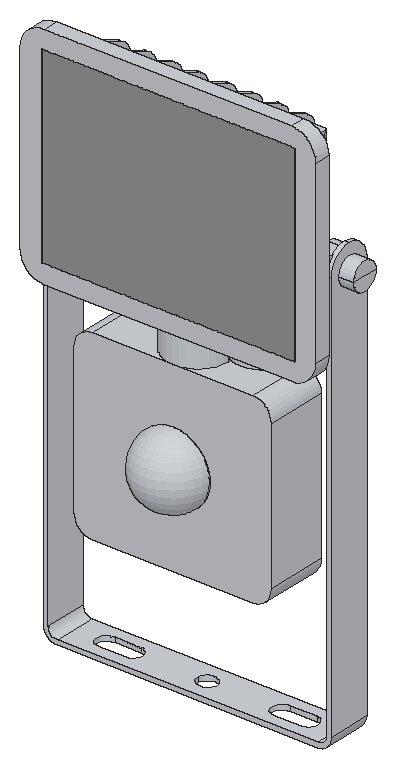
Revit family "0050130", category Lighting Fixtures, Revit 2017
Family settings
  Round Connector Dimension = Use Diameter
  Part Type = Normal
  OmniClass Number = 23.80.70.00
  OmniClass Title = Lighting
  Work Plane-Based = No
  Always vertical = Yes
  Cut with Voids When Loaded = No
  Light Source = Yes
  Shared = No
  Room Calculation Point = No
Parameters (values of type "0050130 ST FLD FLT IP54 PIR 1000LM 840 BK")
  Weight = "2.85 kg"
  Wattage = 10 W
  WarrantyStartDate [instance] = "n/a"
  WarrantyGuarantorParts = "n/a"
  WarrantyDurationUnit = "n/a"
  WarrantyDurationParts = "n/a"
  WarrantyDescription = "n/a"
  built-in parameter 1150110 = 1 (stored number, unit not read)
  Voltage = 0 V
  URL = "http://www.sylvania-lighting.com"
  TypeName = "Start Flood Flat IP54 PIR 1000LM 840 Black"
  built-in parameter 1114217 = 1 (stored number, unit not read)
  Tilt Angle = 0.00°
  built-in parameter 1150109 = 1 (stored number, unit not read)
  built-in parameter 1150134 = 12
  built-in parameter 1150113 = 1 (stored number, unit not read)
  SerialNumber [instance] = "n/a"
  PowerFactor = 0.9
  PowerConsumption = "10.0 W"
  Photometric Web File = "0050130.ies"
  NominalWidth = 0 mm
  NominalLength = 190 mm
  NominalHeight = 52 mm
  Name = "Start Flood Flat IP54 PIR 1000LM 840 Black"
  ModelReference = "Start Flood Flat IP54 PIR 1000LM 840 Black"
  ModelNumber = "0050130"
  Model = "Start Flood Flat IP54 PIR 1000LM 840 Black"
  Material_4_FEILO = none
  Material_3_FEILO = none
  Material_2_FEILO = Default New Material
  Material_1_FEILO = none
  Material = "n/a"
  ManufacturerName = "Feilo Sylvania"
  Manufacturer = "Feilo Sylvania"
  LuminousEfficacy = "100 lm/W"
  Lumens = 1000 lm
  LuminaireType = ""
  built-in parameter 1150115 = 1 (stored number, unit not read)
  built-in parameter 1150105 = -388800 (stored number, unit not read)
  LightOutputRatio = "n/a"
  built-in parameter 1150137 = (empty or 0)
  built-in parameter 1150139 = (empty or 0)
  LampsType = "LED"
  LampNominalLuminous = "1000 lm"
  LampMacAdamStep = "5"
  LampColourTemperature = "4000 K"
  LampColourRenderingIndex = "80"
  built-in parameter 1150112 = 1 (stored number, unit not read)
  built-in parameter 1150114 = 1 (stored number, unit not read)
  Lamp = "LED"
  LUM_WIDTH_SYL = if([0_18W_SYL], 57 mm, 48 mm)  # 48 mm
  LUM_HEIGHT_SYL = if([0_18W_SYL], 43 mm, 37 mm)  # 37 mm
  LUM_EXTR_ST_SYL = -5 mm
  LUM_EXTR_END_SYL = 0 mm
  LUM_DEPTH_SYL = 22 mm
  Keynote = "16500"
  InstallationDate [instance] = "n/a"
  InputVoltage = "n/a"
  InputNominalFrequency = "n/a"
  built-in parameter 1150132 = 2
  built-in parameter 1150102 = (empty or 0)
  built-in parameter 1150138 = (empty or 0)
  built-in parameter 1150107 = 4000 (stored number, unit not read)
  IngressProtection = "IP65"
  ImpactProtectionIndex = "IK06"
  built-in parameter 1150106 = -3888 (stored number, unit not read)
  IfcExportType = "IfcLightFixtureType"
  IfcExportAs = "IfcLightFixtureType"
  ElectricShockClassification = "Class I"
  built-in parameter 1150104 = 9.2903 (stored number, unit not read)
  DocumentationLiterature = "http://www.sylvania-lighting.com/product/en-int/products/0050130"
  DimmingControlOptions = "n/a"
  Dimming Lamp Color Temperature Shift = <None>
  DIF_WIDTH_SYL = if([0_18W_SYL], 49 mm, 41 mm)  # 41 mm
  DIF_HEIGHT_SYL = if([0_18W_SYL], 36 mm, 31 mm)  # 31 mm
  CreatedOn = "12/2/2020"
  CreatedBy = "@sylvania-lighting.com"
  Color Filter = 16777215
  ClassificationValue = "EF_70_80"
  ClassificationName = "Uniclass2015"
  CABLE_SIDE_DIST_SYL = 28.5 mm
  CABLE_LENGTH_SYL = 5 mm
  CABLE_FRONT_DIST_SYL = 14 mm
  CABLES_DIST_SYL = 39 mm
  BarCode [instance] = "n/a"
  built-in parameter 1114218 = 1 (stored number, unit not read)
  B_RAIL_R_DIST_SYL = 7 mm
  B_RAIL_HEIGHT_SYL = 21 mm
  B_RAIL_DEPTH_SYL = 44 mm
  B_RAIL_CHAMFER_SYL = 7 mm
  BRACKET_HOLDER_WIDTH_SYL = 12 mm
  BRACKET_HOLDER_HEIGHT_SYL = 15 mm
  BRACKET_HOLDER_DIST_SIDE_SYL = 2.8 mm
  BRACKET_HOLDER_DIST_BOTT_SYL = 22 mm
  BRACKET_HOLDER_DEPTH_SYL = 5.7 mm
  BOX_WIDTH_SYL = 36.5 mm
  BOX_TOP_DIST_SYL = 10.5 mm
  BOX_DEPTH_SYL = 13 mm
  BOX_BOTT_DIST_SYL = 28 mm
  BACK_RAIL_WIDTH_SYL = 1.4 mm
  BACK_RAIL_SIDE_DIST_SYL = 17.4 mm
  BACK_PL_EXTR_ST_SYL = -6 mm
  BACK_PL_EXTR_ST(-1)_SYL = BACK_PL_EXTR_ST_SYL * (-1)  # 6 mm
  BACK_PL_EXTR_END_SYL = -3 mm
  BACK_PL_EXTR_END(-1)_SYL = BACK_PL_EXTR_END_SYL * (-1)  # 3 mm
  built-in parameter 1150133 = 10 (stored number, unit not read)
  AssetType = "Fixed"
  AssetIdentifier [instance] = "n/a"
  Assembly Code = "D5020200"
  Apparent Load = 10 VA
  0_18W_SYL = no
Types (4, lengths in mm): name | TypeName | built-in parameter 1150134 | Photometric Web File | Name | ModelReference | ModelNumber | Model | LuminousEfficacy | Lumens | built-in parameter 1150105 | LampNominalLuminous | LampColourTemperature | built-in parameter 1150107 | built-in parameter 1150106 | built-in parameter 1150104 | DocumentationLiterature
  0050132 ST FLD FLT IP54 PIR 1000LM 840 WH | "Start Flood Flat IP54 PIR 1000LM 840 White" | 12 | "0050132.ies" | "Start Flood Flat IP54 PIR 1000LM 840 White" | "Start Flood Flat IP54 PIR 1000LM 840 White" | "0050132" | "Start Flood Flat IP54 PIR 1000LM 840 White" | "100 lm/W" | 1000 lm | -388800 (stored number, unit not read) | "1000 lm" | "4000 K" | 4000 (stored number, unit not read) | -3888 (stored number, unit not read) | 9.2903 (stored number, unit not read) | "http://www.sylvania-lighting.com/product/en-int/products/0050132"
  0050131 ST FLD FLT IP54 PIR 950LM 830 WH | "Start Flood Flat IP54 PIR 950LM 830 White" | (empty or 0) | "0050131.ies" | "Start Flood Flat IP54 PIR 950LM 830 White" | "Start Flood Flat IP54 PIR 950LM 830 White" | "0050131" | "Start Flood Flat IP54 PIR 950LM 830 White" | "95 lm/W" | 950 lm | -350892 (stored number, unit not read) | "950 lm" | "3000 K" | 3000 (stored number, unit not read) | -3508.9 (stored number, unit not read) | 8.8258 (stored number, unit not read) | "http://www.sylvania-lighting.com/product/en-int/products/0050131"
  0050130 ST FLD FLT IP54 PIR 1000LM 840 BK | "Start Flood Flat IP54 PIR 1000LM 840 Black" | 12 | "0050130.ies" | "Start Flood Flat IP54 PIR 1000LM 840 Black" | "Start Flood Flat IP54 PIR 1000LM 840 Black" | "0050130" | "Start Flood Flat IP54 PIR 1000LM 840 Black" | "100 lm/W" | 1000 lm | -388800 (stored number, unit not read) | "1000 lm" | "4000 K" | 4000 (stored number, unit not read) | -3888 (stored number, unit not read) | 9.2903 (stored number, unit not read) | "http://www.sylvania-lighting.com/product/en-int/products/0050130"
  0050129 ST FLD FLT IP54 PIR 950LM 830 BK | "Start Flood Flat IP54 PIR 950LM 830 Black" | (empty or 0) | "0050129.ies" | "Start Flood Flat IP54 PIR 950LM 830 Black" | "Start Flood Flat IP54 PIR 950LM 830 Black" | "0050129" | "Start Flood Flat IP54 PIR 950LM 830 Black" | "95 lm/W" | 950 lm | -350892 (stored number, unit not read) | "950 lm" | "3000 K" | 3000 (stored number, unit not read) | -3508.9 (stored number, unit not read) | 8.8258 (stored number, unit not read) | "http://www.sylvania-lighting.com/product/en-int/products/0050129"
Reference planes
  plane 1 "Light Source Axis (F/B)": y = 0
  plane 2: z = 0
  plane 3 "Light Source Axis (L/R)": x = 0
  plane 4 "Light Source Elevation": z = -0.469
  plane 5: x = 48
  plane 6: x = -48
  plane 7: z = 37
  plane 8: z = -37
  plane 9: x = 41
  plane 10: x = -41
  plane 11: z = 31
  plane 12: z = -31
  plane 13: y = 6
  plane 14: y = 3
  plane 15: x = -36.5
  plane 16: x = 36.5
  plane 17: y = 19
  plane 18: z = 26.5
  plane 19: z = -9
  plane 20: y = 22
  plane 21: z = -15
  plane 22: z = -3
  plane 23: y = 21
  plane 24: x = 45.2
  plane 25: x = 39.5
  plane 26: x = 19.5
  plane 27: x = -19.5
  plane 28: y = 14
  plane 29: z = -42
  plane 30: y = 21
  plane 31: z = 35
  plane 32: z = 28
  plane 33: x = 30.6
  plane 34: x = 29.2
  plane 35: x = 22.2
  plane 36: x = 20.8
  plane 37: x = 13.8
  plane 38: x = 12.4
  plane 39: x = 5.4
  plane 40: x = 4
Forms (mm)
  Extrusion 1, solid
    sketch origin (0, 0, 0) x (1, 0, 0) y (0, 0, 1)
      loop
        arc (-40, 37) -> (-45.657, 34.657) -> (-48, 29) r 8
        line (-48, 29) -> (-48, -29)
        arc (-48, -29) -> (-45.657, -34.657) -> (-40, -37) r 8
        line (-40, -37) -> (40, -37)
        arc (40, -37) -> (45.657, -34.657) -> (48, -29) r 8
        line (48, -29) -> (48, 29)
        arc (48, 29) -> (45.657, 34.657) -> (40, 37) r 8
        line (40, 37) -> (-40, 37)
      loop
        line (-41, 31) -> (-41, -31) -> (41, -31) -> (41, 31) -> (-41, 31)
    from -5 <- "LUM_EXTR_ST_SYL" to 0 <- "LUM_EXTR_END_SYL"
  Extrusion 2, solid, material "Default New Material" <- "Material_2_FEILO"
    sketch origin (0, 0, 0) x (1, 0, 0) y (0, 0, 1)
      loop
        line (-41, 31) -> (-41, -31) -> (41, -31) -> (41, 31) -> (-41, 31)
    from -3 <- "BACK_PL_EXTR_END_SYL" to 0 <- "LUM_EXTR_END_SYL"
  Extrusion 3, solid
    sketch origin (0, 0, 0) x (1, 0, 0) y (0, 0, 1)
      loop
        line (41, 31) -> (-41, 31) -> (-41, -31) -> (41, -31) -> (41, 31)
    from -6 <- "BACK_PL_EXTR_ST_SYL" to -3 <- "BACK_PL_EXTR_END_SYL"
  Extrusion 4, solid
    sketch origin (0, 0, 0) x (1, 0, 0) y (0, 1, 0)
      loop
        arc (-35.5, 19) -> (-36.207, 18.707) -> (-36.5, 18) r 1
        line (-36.5, 18) -> (-36.5, 6) -> (36.5, 6) -> (36.5, 18)
        arc (36.5, 18) -> (36.207, 18.707) -> (35.5, 19) r 1
        line (35.5, 19) -> (-35.5, 19)
    from -9 to 26.5
  Extrusion 5, solid
    sketch origin (0, 0, 0) x (1, 0, 0) y (0, 1, 0)
      loop
        arc (-28.5, 22) -> (-34.157, 19.657) -> (-36.5, 14) r 8
        line (-36.5, 14) -> (-36.5, 6) -> (36.5, 6) -> (36.5, 14)
        arc (36.5, 14) -> (34.157, 19.657) -> (28.5, 22) r 8
        line (28.5, 22) -> (-28.5, 22)
    from -31 to -9
  Extrusion 6, solid
    sketch origin (0, 0, 0) x (0, 1, 0) y (0, 0, 1)
      loop
        line (6, -3) -> (6, -15) -> (15, -15)
        arc (15, -15) -> (19.243, -13.243) -> (21, -9) r 6
        arc (21, -9) -> (19.243, -4.757) -> (15, -3) r 6
        line (15, -3) -> (6, -3)
      loop
        circle (15, -9) r 2.5
    from 39.5 to 45.2
  Extrusion 7, solid
    sketch origin (0, 0, 0) x (0, 1, 0) y (0, 0, -1)
      loop
        line (6, 3) -> (15, 3)
        arc (15, 3) -> (19.243, 4.757) -> (21, 9) r 6
        arc (21, 9) -> (19.243, 13.243) -> (15, 15) r 6
        line (15, 15) -> (6, 15) -> (6, 3)
      loop
        circle (15, 9) r 2.5
    from 39.5 to 45.2
  Extrusion 8, solid
    sketch origin (0, 0, 0) x (1, 0, 0) y (0, 1, 0)
      loop
        circle (-19.5, 14) r 7
      loop
        circle (19.5, 14) r 9
    from -42 to -31
  Extrusion 9, solid
    sketch origin (0, 0, 0) x (0, 1, 0) y (0, 0, 1)
      loop
        line (5, -9) -> (21, -9) -> (21, 24.73)
        arc (21, 24.73) -> (20.185, 27.467) -> (18.004, 29.311) r 5
        line (18.004, 29.311) -> (5, 35) -> (5, 28) -> (5, -9)
    from 29.2 to 30.6
  Extrusion 10, solid
    sketch origin (-1.583, 0.014, 0) x (0, 1, 0) y (0, 0, 1)
      loop
        line (5, -9) -> (21, -9) -> (21, 24.73)
        arc (21, 24.73) -> (20.185, 27.467) -> (18.004, 29.311) r 5
        line (18.004, 29.311) -> (5, 35) -> (5, 28) -> (5, -9)
    from 22.383 to 23.783
  Extrusion 11, solid
    sketch origin (-1.583, 0.014, 0) x (0, 1, 0) y (0, 0, 1)
      loop
        line (5, -9) -> (21, -9) -> (21, 24.73)
        arc (21, 24.73) -> (20.185, 27.467) -> (18.004, 29.311) r 5
        line (18.004, 29.311) -> (5, 35) -> (5, 28) -> (5, -9)
    from 5.583 to 6.983
  Extrusion 12, solid
    sketch origin (-1.583, 0.014, 0) x (0, 1, 0) y (0, 0, 1)
      loop
        line (5, -9) -> (21, -9) -> (21, 24.73)
        arc (21, 24.73) -> (20.185, 27.467) -> (18.004, 29.311) r 5
        line (18.004, 29.311) -> (5, 35) -> (5, 28) -> (5, -9)
    from 13.983 to 15.383
  Extrusion 13, solid
    sketch origin (0, 0, 0) x (0, 1, 0) y (0, 0, -1)
      loop
        line (5, 9) -> (5, -28) -> (5, -35) -> (18.004, -29.311)
        arc (18.004, -29.311) -> (20.185, -27.467) -> (21, -24.73) r 5
        line (21, -24.73) -> (21, 9) -> (5, 9)
    from 29.2 to 30.6
  Extrusion 14, solid
    sketch origin (1.583, 0.014, 0) x (0, 1, 0) y (0, 0, -1)
      loop
        line (5, 9) -> (5, -28) -> (5, -35) -> (18.004, -29.311)
        arc (18.004, -29.311) -> (20.185, -27.467) -> (21, -24.73) r 5
        line (21, -24.73) -> (21, 9) -> (5, 9)
    from 22.383 to 23.783
  Extrusion 15, solid
    sketch origin (1.583, 0.014, 0) x (0, 1, 0) y (0, 0, -1)
      loop
        line (5, 9) -> (5, -28) -> (5, -35) -> (18.004, -29.311)
        arc (18.004, -29.311) -> (20.185, -27.467) -> (21, -24.73) r 5
        line (21, -24.73) -> (21, 9) -> (5, 9)
    from 13.983 to 15.383
  Extrusion 16, solid
    sketch origin (1.583, 0.014, 0) x (0, 1, 0) y (0, 0, -1)
      loop
        line (5, 9) -> (5, -28) -> (5, -35) -> (18.004, -29.311)
        arc (18.004, -29.311) -> (20.185, -27.467) -> (21, -24.73) r 5
        line (21, -24.73) -> (21, 9) -> (5, 9)
    from 5.583 to 6.983
Cuts and joins
  joined: Extrusion 1, Extrusion 3, Extrusion 4, Extrusion 5
Dimensions and locks
  "LUM_WIDTH_SYL": plane 5 to plane 3 "Light Source Axis (L/R)" to plane 6
  "LUM_HEIGHT_SYL": plane 7 to plane 2 to plane 8
  "DIF_WIDTH_SYL": plane 9 to plane 3 "Light Source Axis (L/R)" to plane 10
  "DIF_HEIGHT_SYL": plane 11 to plane 2 to plane 12
  "BACK_PL_EXTR_ST(-1)_SYL": plane 1 "Light Source Axis (F/B)" to plane 13
  "BACK_PL_EXTR_END(-1)_SYL": plane 1 "Light Source Axis (F/B)" to plane 14
  "BOX_WIDTH_SYL": plane 15 to plane 3 "Light Source Axis (L/R)" to plane 16
  "BOX_DEPTH_SYL": plane 13 to plane 17
  "BOX_TOP_DIST_SYL": plane 18 to plane 7
  "BOX_BOTT_DIST_SYL": plane 8 to plane 19
  "LUM_DEPTH_SYL": plane 1 "Light Source Axis (F/B)" to plane 20
  "BRACKET_HOLDER_DIST_BOTT_SYL": plane 21 to plane 8
  "BRACKET_HOLDER_WIDTH_SYL": plane 22 to plane 21
  "BRACKET_HOLDER_HEIGHT_SYL": cut or joined group of Extrusion 1, Extrusion 3, Extrusion 4, Extrusion 5 to plane 23
  "BRACKET_HOLDER_DIST_SIDE_SYL": cut or joined group of Extrusion 1, Extrusion 3, Extrusion 4, Extrusion 5 to plane 24
  "BRACKET_HOLDER_DEPTH_SYL": plane 25 to plane 24
  "CABLES_DIST_SYL": plane 27 to plane 26
  "CABLE_SIDE_DIST_SYL": plane 26 to plane 5
  "CABLE_FRONT_DIST_SYL": cut or joined group of Extrusion 1, Extrusion 3, Extrusion 4, Extrusion 5 to plane 28
  "CABLE_LENGTH_SYL": plane 29 to cut or joined group of Extrusion 1, Extrusion 3, Extrusion 4, Extrusion 5
  "B_RAIL_HEIGHT_SYL": plane 30 to plane 1 "Light Source Axis (F/B)"
  "B_RAIL_DEPTH_SYL": plane 31 to plane 19
  "B_RAIL_CHAMFER_SYL": plane 31 to plane 32
  "BACK_RAIL_SIDE_DIST_SYL": plane 5 to plane 33
  "BACK_RAIL_WIDTH_SYL": plane 33 to plane 34
  "B_RAIL_R_DIST_SYL": plane 34 to plane 35
  "B_RAIL_R_DIST_SYL": plane 36 to plane 37
  "BACK_RAIL_WIDTH_SYL": plane 37 to plane 38
  "BACK_RAIL_WIDTH_SYL": plane 39 to plane 40
  "B_RAIL_R_DIST_SYL": plane 38 to plane 39
  aligned and locked: plane 3 "Light Source Axis (L/R)" to imposter light
  aligned and locked: plane 4 "Light Source Elevation" to imposter light
  aligned and locked: level to plane 2
  aligned and locked: Extrusion 1 sketch curve to plane 7
  aligned and locked: plane 6 to Extrusion 1 sketch curve
  aligned and locked: plane 8 to Extrusion 1 sketch curve
  aligned and locked: Extrusion 1 sketch curve to plane 5
  aligned and locked: Extrusion 1 sketch curve to plane 11
  aligned and locked: plane 10 to Extrusion 1 sketch curve
  aligned and locked: plane 12 to Extrusion 1 sketch curve
  aligned and locked: Extrusion 1 sketch curve to plane 9
  aligned and locked: Extrusion 2 sketch curve to Extrusion 1  (x4)
  aligned and locked: Extrusion 3 sketch curve to Extrusion 1  (x4)
  aligned and locked: Extrusion 3 to Extrusion 2
  aligned and locked: plane 17 to Extrusion 4 sketch curve
  aligned and locked: plane 15 to Extrusion 4 sketch curve
  aligned and locked: Extrusion 4 sketch curve to plane 13
  aligned and locked: Extrusion 4 sketch curve to plane 16
  aligned and locked: plane 18 to Extrusion 4
  aligned and locked: Extrusion 4 to plane 19
  aligned and locked: plane 20 to Extrusion 5 sketch curve
  aligned and locked: plane 15 to Extrusion 5 sketch curve
  aligned and locked: cut or joined group of Extrusion 1, Extrusion 3, Extrusion 4, Extrusion 5 to Extrusion 5 sketch curve
  aligned and locked: Extrusion 5 sketch curve to cut or joined group of Extrusion 1, Extrusion 3, Extrusion 4, Extrusion 5
  aligned and locked: plane 19 to Extrusion 5
  aligned and locked: Extrusion 5 to plane 12
  aligned and locked: Extrusion 6 sketch curve to plane 22
  aligned and locked: Extrusion 6 sketch curve to plane 13
  aligned and locked: plane 21 to Extrusion 6 sketch curve
  aligned and locked: plane 25 to Extrusion 6
  aligned and locked: Extrusion 6 to plane 24
  aligned and locked: Extrusion 8 to Extrusion 2
  aligned and locked: Extrusion 8 to plane 29
  aligned and locked: cut or joined group of Extrusion 1, Extrusion 3, Extrusion 4, Extrusion 5 to Extrusion 9 sketch curve
  aligned and locked: Extrusion 9 sketch curve to Extrusion 6  (x2)
  aligned and locked: plane 33 to Extrusion 9
  aligned and locked: Extrusion 9 to plane 34
  aligned and locked: plane 35 to Extrusion 10
  aligned and locked: Extrusion 10 to plane 36
  aligned and locked: Extrusion 11 to plane 40
  aligned and locked: plane 39 to Extrusion 11
  aligned and locked: Extrusion 12 to plane 38
  aligned and locked: plane 37 to Extrusion 12
Automatic sketch dimensions
  plane 10 to Extrusion 1 sketch curve = 1 mm  (x2)
  Extrusion 1 sketch curve to plane 25 = 0.5 mm  (x2)
  plane 15 to Extrusion 4 sketch curve = 1 mm
  Extrusion 4 sketch curve to plane 16 = 1 mm
  Extrusion 5 sketch curve to plane 15 = 0 mm
  Extrusion 5 sketch curve to plane 28 = 0 mm  (x2)
  Extrusion 6 sketch curve to Extrusion 6 sketch curve = 0 mm  (x5)
  Extrusion 6 sketch curve to plane 23 = 0 mm
  Extrusion 7 sketch curve to Extrusion 7 sketch curve = 0 mm  (x6)
  Extrusion 7 sketch curve to plane 13 = 0 mm
  Extrusion 7 sketch curve to plane 21 = 0 mm
  Extrusion 7 sketch curve to plane 22 = 0 mm
  Extrusion 7 sketch curve to plane 23 = 0 mm
  Extrusion 8 sketch curve to plane 27 = 0 mm
  Extrusion 8 sketch curve to plane 26 = 0 mm
  Extrusion 8 sketch curve to plane 28 = 0 mm  (x2)
  Extrusion 9 sketch curve to plane 32 = 0 mm
  Extrusion 9 sketch curve to plane 31 = 0 mm
  plane 28 to Extrusion 9 sketch curve = 2 mm
  plane 17 to Extrusion 9 sketch curve = 0.996 mm
  plane 19 to Extrusion 10 sketch curve = 0 mm
  plane 13 to Extrusion 10 sketch curve = 0.986 mm
  plane 28 to Extrusion 10 sketch curve = 2.014 mm
  plane 17 to Extrusion 10 sketch curve = 0.982 mm
  Extrusion 10 sketch curve to plane 23 = 0.014 mm
  Extrusion 10 sketch curve to plane 18 = 1.77 mm
  plane 32 to Extrusion 10 sketch curve = 0 mm
  plane 19 to Extrusion 11 sketch curve = 0 mm
  plane 13 to Extrusion 11 sketch curve = 0.986 mm
  plane 28 to Extrusion 11 sketch curve = 2.014 mm
  plane 17 to Extrusion 11 sketch curve = 0.982 mm
  Extrusion 11 sketch curve to plane 23 = 0.014 mm
  Extrusion 11 sketch curve to plane 18 = 1.77 mm
  plane 32 to Extrusion 11 sketch curve = 0 mm
  plane 19 to Extrusion 12 sketch curve = 0 mm
  plane 13 to Extrusion 12 sketch curve = 0.986 mm
  plane 28 to Extrusion 12 sketch curve = 2.014 mm
  plane 17 to Extrusion 12 sketch curve = 0.982 mm
  Extrusion 12 sketch curve to plane 23 = 0.014 mm
  Extrusion 12 sketch curve to plane 18 = 1.77 mm
  plane 32 to Extrusion 12 sketch curve = 0 mm
  Extrusion 13 sketch curve to plane 19 = 0 mm
  Extrusion 13 sketch curve to plane 32 = 0 mm
  Extrusion 13 sketch curve to plane 31 = 0 mm
  Extrusion 13 sketch curve to plane 23 = 0 mm
  plane 17 to Extrusion 13 sketch curve = 0.996 mm
  Extrusion 13 sketch curve to plane 18 = 1.77 mm
  Extrusion 13 sketch curve to Extrusion 13 sketch curve = 2.004 mm
  plane 19 to Extrusion 14 sketch curve = 0 mm
  plane 13 to Extrusion 14 sketch curve = 0.986 mm
  plane 28 to Extrusion 14 sketch curve = 2.014 mm
  plane 17 to Extrusion 14 sketch curve = 0.982 mm
  Extrusion 14 sketch curve to plane 23 = 0.014 mm
  Extrusion 14 sketch curve to plane 18 = 1.77 mm
  plane 32 to Extrusion 14 sketch curve = 0 mm
  plane 19 to Extrusion 15 sketch curve = 0 mm
  plane 13 to Extrusion 15 sketch curve = 0.986 mm
  plane 28 to Extrusion 15 sketch curve = 2.014 mm
  plane 17 to Extrusion 15 sketch curve = 0.982 mm
  Extrusion 15 sketch curve to plane 23 = 0.014 mm
  Extrusion 15 sketch curve to plane 18 = 1.77 mm
  plane 32 to Extrusion 15 sketch curve = 0 mm
  plane 19 to Extrusion 16 sketch curve = 0 mm
  plane 13 to Extrusion 16 sketch curve = 0.986 mm
  plane 28 to Extrusion 16 sketch curve = 2.014 mm
  plane 17 to Extrusion 16 sketch curve = 0.982 mm
  Extrusion 16 sketch curve to plane 23 = 0.014 mm
  Extrusion 16 sketch curve to plane 18 = 1.77 mm
  plane 32 to Extrusion 16 sketch curve = 0 mm
  radius of Extrusion 6 sketch curve = 2.5 mm
  radius of Extrusion 7 sketch curve = 2.5 mm
  radius of Extrusion 8 sketch curve = 7 mm
  radius of Extrusion 8 sketch curve = 9 mm
Nested families
  nested 1: "START Flood Flat - 9W_bracket - PIR" at (0.801, 14.938, -108.511), type "START Flood Flat - 9W_bracket - PIR"
  nested 2: "bolt" at (46.701, 14.996, -8.984), type "bolt"
  nested 3: "bolt" at (-46.699, 15.001, -8.984) x (-1, 0, 0) z (0, 0, 1), type "bolt"
  nested 4: "PIR" at (0, 1.945, -77.05) x (-1, 0, 0) z (0, 0, 1), type "PIR"
Definition of nested family "START Flood Flat - 9W_bracket - PIR"
  Parameters (values of type "START Flood Flat - 9W_bracket - PIR")
    WIDTH_SYL = 93.4 mm
    THICKNESS_SYL = 1.5 mm
    Material_4_SYL = none
    Material_3_SYL = none
    Material_2_SYL = none
    Material_1_SYL = none
    HOLE_DIST_SYL = 8.5 mm
    HOLE2_DIST_SYL = 8 mm
    HEIGHT_SYL = 145 mm
    FILLET_SYL = 7 mm
    DEPTH_2_SYL = -7 mm
    DEPTH_1_SYL = 7 mm
    CUTOUT_DIST_SYL = 24.2 mm
  Reference planes
    plane 1 "Center (Front/Back)": y = 0
    plane 2: z = 0
    plane 3 "Center (Left/Right)": x = 0
    plane 4: x = -47.5
    plane 5: x = 45.9
    plane 6: z = -37.5
    plane 7: z = 107.5
    plane 8: x = -46
    plane 9: z = -36
    plane 10: x = 44.4
    plane 11: z = 99.5
    plane 12: z = 100.5
    plane 13: x = 24.2
    plane 14: x = -24.2
    plane 15: x = 32.7
    plane 16: x = -32.7
  Forms (mm)
    Extrusion 1, solid
      sketch origin (0, 0, 0) x (1, 0, 0) y (0, 0, 1)
        loop
          arc (-47.5, -33) -> (-46.182, -36.182) -> (-43, -37.5) r 4.5
          line (-43, -37.5) -> (41.4, -37.5)
          arc (41.4, -37.5) -> (44.582, -36.182) -> (45.9, -33) r 4.5
          line (45.9, -33) -> (45.9, 107.5) -> (44.4, 107.5) -> (44.4, -33)
          arc (44.4, -33) -> (43.521, -35.121) -> (41.4, -36) r 3
          line (41.4, -36) -> (-43, -36)
          arc (-43, -36) -> (-45.121, -35.121) -> (-46, -33) r 3
          line (-46, -33) -> (-46, 107.5) -> (-47.5, 107.5) -> (-47.5, -33)
      from -7 <- "DEPTH_2_SYL" to 7 <- "DEPTH_1_SYL"
    Extrusion 2, void
      sketch origin (0, 0, 0) x (0, 1, 0) y (0, 0, 1)
        loop
          circle (0, 99.5) r 3.15
      from -47.5 to 45.9
    Extrusion 3, void
      sketch origin (0, 0, 0) x (0, 1, 0) y (0, 0, 1)
        loop
          line (7, 100.5) -> (14.83, 113.08) -> (-15.17, 113.08) -> (-7, 100.5)
          arc (-7, 100.5) -> (-4.95, 105.45) -> (0, 107.5) r 7
          arc (0, 107.5) -> (4.95, 105.45) -> (7, 100.5) r 7
      from -47.5 to 45.9
    Extrusion 4, void
      sketch origin (0, 0, 0) x (1, 0, 0) y (0, 1, 0)
        loop
          circle (0, 0) r 3.25
        loop
          arc (-32.7, 3.25) -> (-35.95, 0) -> (-32.7, -3.25) r 3.25
          line (-32.7, -3.25) -> (-24.2, -3.25)
          arc (-24.2, -3.25) -> (-20.95, 0) -> (-24.2, 3.25) r 3.25
          line (-24.2, 3.25) -> (-32.7, 3.25)
        loop
          line (24.2, -3.25) -> (32.7, -3.25)
          arc (32.7, -3.25) -> (35.95, 0) -> (32.7, 3.25) r 3.25
          line (32.7, 3.25) -> (24.2, 3.25)
          arc (24.2, 3.25) -> (20.95, 0) -> (24.2, -3.25) r 3.25
      from -54.767 to -28.006
  Cuts and joins
    Extrusion 2, Extrusion 3, Extrusion 4 cuts Extrusion 1
  Dimensions and locks
    "THICKNESS_SYL": plane 8 to plane 4
    "THICKNESS_SYL": plane 5 to plane 10
    "WIDTH_SYL": plane 5 to plane 4
    "HEIGHT_SYL": plane 7 to plane 6
    "FILLET_SYL": plane 7 to plane 12
    "CUTOUT_DIST_SYL": plane 14 to plane 3 "Center (Left/Right)" to plane 13
    "HOLE_DIST_SYL": plane 16 to plane 14
    "HOLE_DIST_SYL": plane 13 to plane 15
    "HOLE2_DIST_SYL": plane 7 to plane 11
    aligned and locked: level to plane 2
    aligned and locked: plane 4 to Extrusion 1 sketch curve
    aligned and locked: plane 6 to Extrusion 1 sketch curve
    aligned and locked: Extrusion 1 sketch curve to plane 5
    aligned and locked: plane 8 to Extrusion 1 sketch curve
    aligned and locked: plane 9 to Extrusion 1 sketch curve
    aligned and locked: Extrusion 1 sketch curve to plane 10
    aligned and locked: plane 7 to Extrusion 1 sketch curve  (x2)
    aligned and locked: Extrusion 1 to Extrusion 2  (x2)
    aligned and locked: Extrusion 1 to Extrusion 3
    aligned and locked: Extrusion 3 to Extrusion 1
  Automatic sketch dimensions
    Extrusion 1 sketch curve to Extrusion 1 sketch curve = 0 mm
    plane 8 to Extrusion 1 sketch curve = 3 mm
    Extrusion 1 sketch curve to plane 10 = 3 mm
    Extrusion 1 sketch curve to Extrusion 1 sketch curve = 3 mm
    Extrusion 2 sketch curve to plane 1 "Center (Front/Back)" = 0 mm
    Extrusion 2 sketch curve to plane 11 = 0 mm
    Extrusion 3 sketch curve to Extrusion 3 sketch curve = 0 mm
    Extrusion 3 sketch curve to plane 12 = 0 mm
    Extrusion 3 sketch curve to plane 1 "Center (Front/Back)" = 0 mm
    Extrusion 3 sketch curve to plane 7 = 0 mm
    Extrusion 3 sketch curve to Extrusion 3 sketch curve = 8.17 mm
    plane 7 to Extrusion 3 sketch curve = 5.58 mm
    Extrusion 3 sketch curve to Extrusion 3 sketch curve = 7.83 mm
    plane 1 "Center (Front/Back)" to Extrusion 4 sketch curve = 0 mm  (x3)
    Extrusion 4 sketch curve to plane 16 = 0 mm
    Extrusion 4 sketch curve to plane 14 = 0 mm
    Extrusion 4 sketch curve to plane 3 "Center (Left/Right)" = 0 mm
    Extrusion 4 sketch curve to plane 13 = 0 mm
    Extrusion 4 sketch curve to plane 15 = 0 mm
    plane 1 "Center (Front/Back)" to Extrusion 4 sketch curve = 3.25 mm  (x2)
    radius of Extrusion 2 sketch curve = 3.15 mm
    radius of Extrusion 4 sketch curve = 3.25 mm
Definition of nested family "bolt"
  Parameters (values of type "bolt")
    Material_4_SYL = none
    Material_3_SYL = none
    Material_2_SYL = none
    Material_1_SYL = none
  Reference planes
    plane 1 "Center (Front/Back)": y = 0
    plane 2: z = 0
    plane 3 "Center (Left/Right)": x = 0
    plane 4: x = 5
    plane 5: x = -10
    plane 6: y = 2.5
    plane 7: y = -2.5
    plane 8: y = 4.5
    plane 9: y = -4.5
  Forms (mm)
    Revolve 1, solid
      sketch origin (0, 0, 0) x (1, 0, 0) y (0, 1, 0)
        loop
          line (5, 0) -> (-10, 0) -> (-10, -2.5) -> (0, -2.5) -> (0, -4.5) -> (5, -4.5) -> (5, 0)
        axis (5, 0) -> (-10, 0)
      angle from 0 to 360
  Dimensions and locks
    aligned and locked: level to plane 2
Definition of nested family "PIR"
  Parameters (values of type "PIR")
    Material_4_SYL = none
    Material_3_SYL = none
    Material_2_SYL = none
    Material_1_SYL = none
  Reference planes
    plane 1 "Center (Front/Back)": y = 0
    plane 2: z = 0
    plane 3 "Center (Left/Right)": x = 0
    plane 4: z = -30
    plane 5: z = 30
    plane 6: x = 32
    plane 7: x = -32
    plane 8: x = 12
    plane 9: z = 12
    plane 10: z = -12
    plane 11: z = 46
    plane 12: x = 10
    plane 13: y = -10
  Forms (mm)
    Extrusion 1, solid
      sketch origin (0, 0, 0) x (1, 0, 0) y (0, 0, 1)
        loop
          arc (-26, 30) -> (-30.243, 28.243) -> (-32, 24) r 6
          line (-32, 24) -> (-32, -24)
          arc (-32, -24) -> (-30.243, -28.243) -> (-26, -30) r 6
          line (-26, -30) -> (26, -30)
          arc (26, -30) -> (30.243, -28.243) -> (32, -24) r 6
          line (32, -24) -> (32, 24)
          arc (32, 24) -> (30.243, 28.243) -> (26, 30) r 6
          line (26, 30) -> (-26, 30)
      from 0 to 20
    Revolve 2, solid
      sketch origin (0, 0, 0) x (1, 0, 0) y (0, 0, 1)
        loop
          line (0, 12) -> (0, -12)
          arc (0, -12) -> (12, 0) -> (0, 12) r 12
        axis (0, 12) -> (0, -12)
      angle from 0 to 360
    Extrusion 3, solid
      sketch origin (0, 0, 0) x (1, 0, 0) y (0, 1, 0)
        loop
          circle (0, -10) r 10
      from 30 to 46
  Dimensions and locks
    aligned and locked: level to plane 2
    aligned and locked: Extrusion 1 sketch curve to plane 5
    aligned and locked: plane 7 to Extrusion 1 sketch curve
    aligned and locked: plane 4 to Extrusion 1 sketch curve
    aligned and locked: Extrusion 1 sketch curve to plane 6
    aligned and locked: plane 3 "Center (Left/Right)" to Revolve 2 sketch curve
    aligned and locked: plane 10 to Revolve 2 sketch curve
    aligned and locked: Revolve 2 sketch curve to plane 3 "Center (Left/Right)"
    aligned and locked: plane 11 to Extrusion 3
    aligned and locked: Extrusion 3 to plane 5
